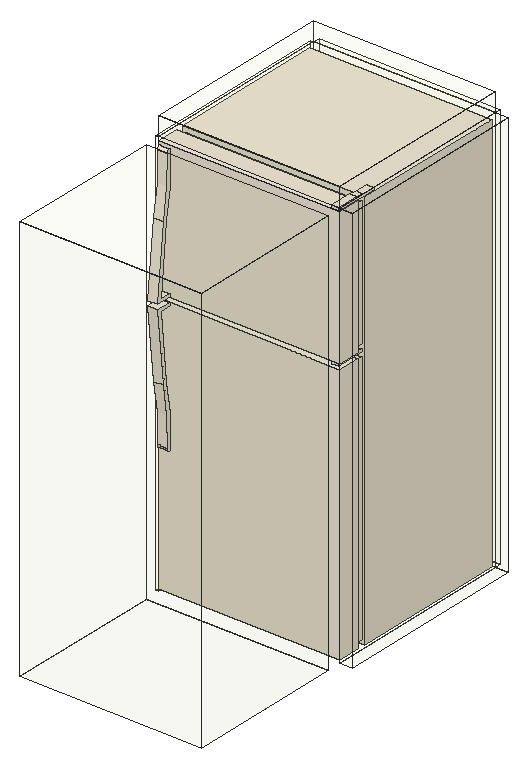
Revit family "WRT104TFDT_032c_Refrigeration_Top_Mount", category Specialty Equipment, Revit 2026
Family settings
  Round Connector Dimension = Use Diameter
  Part Type = Normal
  Work Plane-Based = No
  Enable Cutting in Views = No
  Always vertical = Yes
  Cut with Voids When Loaded = No
  Maintain Annotation Orientation = No
  Shared = No
  Room Calculation Point = No
Parameters (values of type "WRT104TFDT")
  Width = 28"
  Warranty Duration (Years) = "One year limited"
  Voltage = 120 V
  URL = "https://www.whirlpool.com/kitchen/refrigeration/refrigerators/top-freezer/p.28-inch-wide-top-freezer-refrigerator-14-cu.-ft.wrt104tfdw.html"
  Specification = ""
  SpecWizard = ""
  Show Clearance [instance] = yes
  Send Message = ""
  Sales Information = "https://www.whirlpool.com/kitchen/refrigeration/refrigerators/top-freezer/p.28-inch-wide-top-freezer-refrigerator-14-cu.-ft.wrt104tfdw.html"
  Product Data = "https://www.whirlpool.com/content/dam/global/documents/201411/owners-manual-eco-W10726498-RevA.pdf"
  Model = "WRT104TFDT"
  Manufacturer Website = ""
  Manufacturer Phone - Toll Free = ""
  Manufacturer Phone = ""
  Manufacturer Fax = ""
  Manufacturer Email = ""
  Manufacturer Address = ""
  Manufacturer = "Whirlpool"
  Maintenance Schedule (Months) = "NA"
  Leg Material = ARCAT - Plastic - Black
  Installation-Fabrication = "https://www.whirlpool.com/content/dam/global/documents/201411/installation-instructions-W10726500-RevA.pdf"
  Installation Phase = "NA"
  Height = 62 7/8"
  Handle Material = ARCAT - Metal - Steel - White
  HW size = 0"
  Family Name = "Top Mount Refrigerator"
  Expected Lifespan (Years) = "NA"
  Exhaust size = 0"
  Drawn By = ""
  Drain size = 0"
  Door Material = ARCAT - Metal - Steel - White
  Description = "Whirlpool® 28-inch Wide Top Freezer Refrigerator - 14 cu. ft."
  Depth = 32 1/4"
  Default Elevation = 0"
  Copyright = ""
  Clearance Material = ARCAT - Clearance
  CW size = 0"
  Body Material = ARCAT - Metal - Steel - White
  Apparent Load = 0 VA
  Amps = 15 A
  Accent Material = ARCAT - Metal - Steel - Stainless
Reference planes (in)
  plane 1 "Center (Front/Back)": y = 0
  plane 2: z = 0
  plane 3 "Center (Left/Right)": x = 0
  plane 4: z = 62.875
  plane 5: x = -14
  plane 6: x = 14
  plane 7: y = -1
  plane 8: y = -33.25
Forms (in)
  Extrusion 1, solid, material "ARCAT - Plastic - Black" <- "Leg Material"
    sketch origin (4.68238, -3.35142, 0.5) x (1, 0, 0) y (0, -1, 0)
      loop
        circle (-16.18238, 21.02358) r 0.75
    from 0 to 0.5
  Extrusion 2, solid, material "ARCAT - Plastic - Black" <- "Leg Material"
    sketch origin (-4.68238, -3.35142, 0.5) x (1, 0, 0) y (0, -1, 0)
      loop
        circle (16.18238, 21.02358) r 0.75
    from 0 to 0.5
  Extrusion 3, solid, material "ARCAT - Metal - Steel - White" <- "Door Material"
    sketch origin (0, -4.625, 58.5) x (1, 0, 0) y (0, 1, 0)
      loop
        line (-14, -22.875) -> (-14, -26.375) -> (14, -26.375) -> (14, -22.875) -> (-14, -22.875)
    from -17.125 to 3.875
  Extrusion 4, solid, material "ARCAT - Metal - Steel - White" <- "Door Material"
    sketch origin (0, -4.625, 35.5) x (1, 0, 0) y (0, 1, 0)
      loop
        line (-14, -22.875) -> (-14, -26.375) -> (14, -26.375) -> (14, -22.875) -> (-14, -22.875)
    from -35 to 5.125
  Extrusion 5, solid, material "ARCAT - Metal - Steel - White" <- "Body Material"
    sketch origin (12.75, 3.875, 48) x (0, 1, 0) y (0, 0, 1)
      loop
        line (-34.875, 14.5) -> (-31.375, 14.5)
        arc (-31.375, 14.5) -> (-30.74688, 14.46867) -> (-30.125, 14.375) r 6.3125
        line (-30.125, 14.375) -> (-28.15485, 14.375) -> (-28.15485, 14.75) -> (-30.125, 14.75)
        arc (-30.125, 14.75) -> (-30.74688, 14.84367) -> (-31.375, 14.875) r 6.3125
        line (-31.375, 14.875) -> (-34.875, 14.875) -> (-34.875, 14.5)
    from 0 to 1
  Extrusion 6, solid, material "ARCAT - Metal - Steel - White" <- "Body Material"
    sketch origin (0.5, -4.625, 62.375) x (1, 0, 0) y (0, 1, 0)
      loop
        circle (12.75, -25.4375) r 0.25
    from 0 to 0.125
  Extrusion 7, solid, material "ARCAT - Metal - Steel - White" <- "Body Material"
    sketch origin (0.28125, -4.625, 41.1875) x (1, 0, 0) y (0, 1, 0)
      loop
        circle (12.75, -25.4375) r 0.25
    from 0 to 0.1875
  Extrusion 8, solid, material "ARCAT - Metal - Steel - White" <- "Body Material"
    sketch origin (12.53125, 3.875, 26.3125) x (0, 1, 0) y (0, 0, 1)
      loop
        line (-34.55526, 14.5) -> (-30.125, 14.5) -> (-30.125, 14.875) -> (-34.55526, 14.875) -> (-34.55526, 14.5)
    from 0 to 1
  Extrusion 9, solid, material "ARCAT - Metal - Steel - White" <- "Handle Material"
    sketch origin (-13.8125, -1.625, 37.375) x (0, 0, 1) y (0, 1, 0)
      loop
        line (4, -29.375) -> (4, -31.625)
        arc (4, -31.625) -> (9.48685, -31.34976) -> (14.91654, -30.51328) r 53.5
        arc (14.91654, -30.51328) -> (19.42313, -29.86202) -> (23.97541, -29.76131) r 37.53027
        arc (23.97541, -29.76131) -> (24.30122, -29.65953) -> (24.48979, -29.375) r 0.5098
        line (24.48979, -29.375) -> (19.24883, -29.375)
        arc (19.24883, -29.375) -> (17.02242, -29.63398) -> (14.81514, -30.02367) r 38.03027
        arc (14.81514, -30.02367) -> (9.68454, -30.82645) -> (4.5, -31.12327) r 53
        line (4.5, -31.12327) -> (4.5, -29.375) -> (4, -29.375)
    from 0 to -1.5
  Extrusion 10, solid, material "ARCAT - Clearance" <- "Clearance Material", visible <- "Show Clearance", detail levels medium+fine
    sketch origin (0, 0, 0) x (1, 0, 0) y (0, 0, 1)
      loop
        line (14, 0) -> (14, 62.875) -> (-14, 62.875) -> (-14, 0) -> (14, 0)
    from 0 to 1
  Extrusion 11, solid, material "ARCAT - Clearance" <- "Clearance Material", visible <- "Show Clearance", detail levels medium+fine
    sketch origin (-14, 4.465, 48) x (0, 1, 0) y (0, 0, 1)
      loop
        line (-35.465, -48) -> (-5.465, -48) -> (-5.465, 14.875) -> (-35.465, 14.875) -> (-35.465, -48)
    from 0 to -0.5
  Extrusion 12, solid, material "ARCAT - Clearance" <- "Clearance Material", visible <- "Show Clearance", detail levels medium+fine
    sketch origin (14, 4.465, 48) x (0, 1, 0) y (0, 0, -1)
      loop
        line (-35.465, 48) -> (-35.465, -14.875) -> (-5.465, -14.875) -> (-5.465, 48) -> (-35.465, 48)
    from 0 to -2
  Extrusion 13, solid, material "ARCAT - Clearance" <- "Clearance Material", visible <- "Show Clearance", detail levels medium+fine
    sketch origin (33.41509, -180, 62.875) x (0, -1, 0) y (-1, 0, 0)
      loop
        line (-179, 47.41509) -> (-179, 19.41509) -> (-149, 19.41509) -> (-149, 47.41509) -> (-179, 47.41509)
    from 0 to -3
  Extrusion 14, solid, material "ARCAT - Clearance" <- "Clearance Material", visible <- "Show Clearance", detail levels medium+fine
    sketch origin (60, -56.75, 80) x (1, 0, 0) y (0, 0, 1)
      loop
        line (-46, -80) -> (-46, -17.125) -> (-74, -17.125) -> (-74, -80) -> (-46, -80)
    from 1 to -23.5
  Extrusion 15, solid, material "ARCAT - Metal - Steel - White" <- "Door Material"
    sketch origin (0, -4.625, 58.5) x (1, 0, 0) y (0, 1, 0)
      loop
        line (13.5, -21.625) -> (-13.5, -21.625) -> (-13.5, -22.875) -> (13.5, -22.875) -> (13.5, -21.625)
    from -16.625 to 3.125
  Extrusion 16, solid, material "ARCAT - Metal - Steel - White" <- "Door Material"
    sketch origin (0, -4.625, 35.5) x (1, 0, 0) y (0, 1, 0)
      loop
        line (13.5, -21.625) -> (-13.5, -21.625) -> (-13.5, -22.875) -> (13.5, -22.875) -> (13.5, -21.625)
    from -34.5 to 4.625
  Extrusion 17, solid, material "ARCAT - Metal - Steel - White" <- "Body Material"
    sketch origin (0, -1.5625, 0) x (1, 0, 0) y (0, 1, 0)
      loop
        line (-14, -0.375) -> (-14, -24.6875) -> (14, -24.6875) -> (14, -0.375) -> (-14, -0.375)
    from 0.5 to 62.375
  Extrusion 18, solid, material "ARCAT - Plastic - Black" <- "Leg Material"
    sketch origin (4.68238, 16.33608, 0.5) x (1, 0, 0) y (0, -1, 0)
      loop
        circle (-16.18238, 21.14858) r 0.75
    from 0 to 0.5
  Extrusion 19, solid, material "ARCAT - Plastic - Black" <- "Leg Material"
    sketch origin (-4.68238, 16.33608, 0.5) x (1, 0, 0) y (0, -1, 0)
      loop
        circle (16.18238, 21.14858) r 0.75
    from 0 to 0.5
  Extrusion 20, solid, material "ARCAT - Metal - Steel - White" <- "Body Material"
    sketch origin (-15.5, -2.0625, 0) x (1, 0, 0) y (0, 0, -1)
      loop
        line (28.5, -1.5) -> (2.5, -1.5) -> (2.5, -61.375) -> (28.5, -61.375) -> (28.5, -1.5)
      loop
        line (29.5, -0.5) -> (1.5, -0.5) -> (1.5, -62.375) -> (29.5, -62.375) -> (29.5, -0.5)
    from 0.125 to 0.25
  Revolve 21, solid, material "ARCAT - Metal - Steel - Stainless" <- "Accent Material"
    sketch origin (-6.53999, -7.3125, 80) x (-1, 0, 0) y (0, 0, 1)
      loop
        line (-6.53999, -73.32999) -> (-9.05948, -73.32999)
        arc (-9.05948, -73.32999) -> (-9.74752, -73.60432) -> (-10.05806, -74.2768) r 1
        arc (-10.05806, -74.2768) -> (-10.06858, -74.84011) -> (-10.04018, -75.4028) r 8.15531
        arc (-10.04018, -75.4028) -> (-10.07297, -75.37505) -> (-10.10249, -75.40625) r 0.03125
        line (-10.10249, -75.40625) -> (-10.10249, -76.21875)
        arc (-10.10249, -76.21875) -> (-10.0738, -76.2499) -> (-10.04041, -76.22385) r 0.03125
        arc (-10.04041, -76.22385) -> (-10.02367, -77.38241) -> (-9.71781, -78.5) r 4.59758
        line (-9.71781, -78.5) -> (-6.53999, -78.5) -> (-6.53999, -73.32999)
      axis (-6.53999, -78.5) -> (-6.53999, -73.32999)
    angle from 0 to 360
  Revolve 22, solid, material "ARCAT - Metal - Steel - Stainless" <- "Accent Material"
    sketch origin (-6.53999, -7.3125, 80) x (-1, 0, 0) y (0, 0, 1)
      loop
        line (-18.53999, -70.5) -> (-18.60249, -70.5) -> (-18.60249, -72) -> (-18.68582, -72)
        arc (-18.68582, -72) -> (-18.80367, -72.04882) -> (-18.85249, -72.16667) r 0.16667
        line (-18.85249, -72.16667) -> (-18.85249, -75.25)
        arc (-18.85249, -75.25) -> (-18.77927, -75.42678) -> (-18.60249, -75.5) r 0.25
        line (-18.60249, -75.5) -> (-18.53999, -75.5) -> (-18.53999, -70.5)
      axis (-18.53999, -70.5) -> (-18.53999, -75.5)
    angle from 0 to 360
  Sweep 23, solid, material "ARCAT - Metal - Steel - Stainless" <- "Accent Material"
    path origin (33.41509, -179.3125, 7.21875) x (0, -1, 0) y (1, 0, 0)
      loop
        arc (-176.5, -39.66509) -> (-176.28033, -40.19542) -> (-175.75, -40.41509) r 0.75
        line (-175.75, -40.41509) -> (-168.25, -40.41509)
        arc (-168.25, -40.41509) -> (-167.71967, -40.19542) -> (-167.5, -39.66509) r 0.75
        line (-167.5, -39.66509) -> (-167.5, -27.16509)
        arc (-167.5, -27.16509) -> (-167.71967, -26.63476) -> (-168.25, -26.41509) r 0.75
        line (-168.25, -26.41509) -> (-175.75, -26.41509)
        arc (-175.75, -26.41509) -> (-176.28033, -26.63476) -> (-176.5, -27.16509) r 0.75
        line (-176.5, -27.16509) -> (-176.5, -39.66509)
    profile origin (0, -2.8125, 7.21875) x (0, 1, 0) y (0, 0, 1)
      loop
        line (-0.05078, 0.09375) -> (-0.39844, 0.09375)
        arc (-0.39844, 0.09375) -> (-0.44263, 0.07544) -> (-0.46094, 0.03125) r 0.0625
        line (-0.46094, 0.03125) -> (-0.46094, -0.63281)
        arc (-0.46094, -0.63281) -> (-0.47924, -0.67701) -> (-0.52344, -0.69531) r 0.0625
        line (-0.52344, -0.69531) -> (-0.52344, -0.79687) -> (-0.42188, -0.79687)
        arc (-0.42188, -0.79687) -> (-0.37768, -0.77857) -> (-0.35937, -0.73437) r 0.0625
        line (-0.35937, -0.73437) -> (-0.35937, -0.07031)
        arc (-0.35937, -0.07031) -> (-0.34107, -0.02612) -> (-0.29687, -0.00781) r 0.0625
        line (-0.29687, -0.00781) -> (-0.05078, -0.00781)
        arc (-0.05078, -0.00781) -> (0, 0.04297) -> (-0.05078, 0.09375) r 0.05078
  Extrusion 24, solid, material "ARCAT - Metal - Steel - Stainless" <- "Accent Material"
    sketch origin (33.41509, -179.3125, 62.875) x (0, -1, 0) y (-1, 0, 0)
      loop
        arc (-175.75, 39.89165) -> (-175.9102, 39.82529) -> (-175.97656, 39.66509) r 0.22656
        line (-175.97656, 39.66509) -> (-175.97656, 27.16509)
        arc (-175.97656, 27.16509) -> (-175.9102, 27.00489) -> (-175.75, 26.93853) r 0.22656
        line (-175.75, 26.93853) -> (-168.25, 26.93853)
        arc (-168.25, 26.93853) -> (-168.0898, 27.00489) -> (-168.02344, 27.16509) r 0.22656
        line (-168.02344, 27.16509) -> (-168.02344, 39.66509)
        arc (-168.02344, 39.66509) -> (-168.0898, 39.82529) -> (-168.25, 39.89165) r 0.22656
        line (-168.25, 39.89165) -> (-175.75, 39.89165)
      loop
        circle (-172, 33.41509) r 3.17783
    from 56.45312 to 56.35156
  Sweep 25, solid, material "ARCAT - Metal - Steel - Stainless" <- "Accent Material"
    path origin (-6.53999, -7.3125, 80) x (-1, 0, 0) y (0, 0, 1)
      loop
        line (-17.03999, -70.5) -> (-17.03999, -77)
        arc (-17.03999, -77) -> (-16.37286, -77.84995) -> (-15.38876, -77.40385) r 0.875
        arc (-15.38876, -77.40385) -> (-15.11257, -77.10886) -> (-14.72342, -77) r 0.75
        line (-14.72342, -77) -> (-9.53999, -77)
    profile origin (10.5, -7.3125, 6.25) x (0, 1, 0) y (-1, 0, 0)
      loop
        circle (0, 0) r 0.125
  Extrusion 26, solid
    sketch origin (14, -1.3125, 9.5) x (0, 1, 0) y (1, 0, 0)
      loop
        circle (-6, -3.5) r 0.5
    from 0 to 0.19922
  Sweep 27, solid, material "ARCAT - Metal - Steel - Stainless" <- "Accent Material"
    path origin (-14.81742, -1.0625, 80) x (-1, 0, 0) y (0, 0, 1)
      loop
        line (-9.04256, -72.06499) -> (-9.04256, -74.31499)
        arc (-9.04256, -74.31499) -> (-8.70518, -75.06395) -> (-7.92069, -75.30754) r 1
        line (-7.92069, -75.30754) -> (-3.69555, -74.78875)
        arc (-3.69555, -74.78875) -> (-3.06846, -74.45883) -> (-2.81742, -73.79621) r 1
        line (-2.81742, -73.79621) -> (-2.81742, -23.5)
        arc (-2.81742, -23.5) -> (-3.11031, -22.79289) -> (-3.81742, -22.5) r 1
        line (-3.81742, -22.5) -> (-25.81742, -22.5)
        arc (-25.81742, -22.5) -> (-26.81742, -23.5) -> (-25.81742, -24.5) r 1
        line (-25.81742, -24.5) -> (-5.56742, -24.5)
        arc (-5.56742, -24.5) -> (-4.56742, -25.5) -> (-5.56742, -26.5) r 1
        line (-5.56742, -26.5) -> (-25.81742, -26.5)
        arc (-25.81742, -26.5) -> (-26.81742, -27.5) -> (-25.81742, -28.5) r 1
        line (-25.81742, -28.5) -> (-5.56742, -28.5)
        arc (-5.56742, -28.5) -> (-4.56742, -29.5) -> (-5.56742, -30.5) r 1
        line (-5.56742, -30.5) -> (-25.81742, -30.5)
        arc (-25.81742, -30.5) -> (-26.81742, -31.5) -> (-25.81742, -32.5) r 1
        line (-25.81742, -32.5) -> (-5.56742, -32.5)
        arc (-5.56742, -32.5) -> (-4.56742, -33.5) -> (-5.56742, -34.5) r 1
        line (-5.56742, -34.5) -> (-25.81742, -34.5)
        arc (-25.81742, -34.5) -> (-26.81742, -35.5) -> (-25.81742, -36.5) r 1
        line (-25.81742, -36.5) -> (-5.56742, -36.5)
        arc (-5.56742, -36.5) -> (-4.56742, -37.5) -> (-5.56742, -38.5) r 1
        line (-5.56742, -38.5) -> (-25.81742, -38.5)
        arc (-25.81742, -38.5) -> (-26.81742, -39.5) -> (-25.81742, -40.5) r 1
        line (-25.81742, -40.5) -> (-5.56742, -40.5)
        arc (-5.56742, -40.5) -> (-4.56742, -41.5) -> (-5.56742, -42.5) r 1
        line (-5.56742, -42.5) -> (-25.81742, -42.5)
        arc (-25.81742, -42.5) -> (-26.81742, -43.5) -> (-25.81742, -44.5) r 1
        line (-25.81742, -44.5) -> (-5.56742, -44.5)
        arc (-5.56742, -44.5) -> (-4.56742, -45.5) -> (-5.56742, -46.5) r 1
        line (-5.56742, -46.5) -> (-25.81742, -46.5)
        arc (-25.81742, -46.5) -> (-26.81742, -47.5) -> (-25.81742, -48.5) r 1
        line (-25.81742, -48.5) -> (-5.56742, -48.5)
        arc (-5.56742, -48.5) -> (-4.56742, -49.5) -> (-5.56742, -50.5) r 1
        line (-5.56742, -50.5) -> (-25.81742, -50.5)
        arc (-25.81742, -50.5) -> (-26.81742, -51.5) -> (-25.81742, -52.5) r 1
        line (-25.81742, -52.5) -> (-5.56742, -52.5)
        arc (-5.56742, -52.5) -> (-4.56742, -53.5) -> (-5.56742, -54.5) r 1
        line (-5.56742, -54.5) -> (-25.81742, -54.5)
        arc (-25.81742, -54.5) -> (-26.81742, -55.5) -> (-25.81742, -56.5) r 1
        line (-25.81742, -56.5) -> (-5.56742, -56.5)
        arc (-5.56742, -56.5) -> (-4.56742, -57.5) -> (-5.56742, -58.5) r 1
        line (-5.56742, -58.5) -> (-25.81742, -58.5)
        arc (-25.81742, -58.5) -> (-26.81742, -59.5) -> (-25.81742, -60.5) r 1
        line (-25.81742, -60.5) -> (-5.56742, -60.5)
        arc (-5.56742, -60.5) -> (-4.56742, -61.5) -> (-5.56742, -62.5) r 1
        line (-5.56742, -62.5) -> (-25.81742, -62.5)
        arc (-25.81742, -62.5) -> (-26.81742, -63.5) -> (-25.81742, -64.5) r 1
        line (-25.81742, -64.5) -> (-5.56742, -64.5)
        arc (-5.56742, -64.5) -> (-4.56742, -65.5) -> (-5.56742, -66.5) r 1
        line (-5.56742, -66.5) -> (-25.81742, -66.5)
        arc (-25.81742, -66.5) -> (-26.81742, -67.5) -> (-25.81742, -68.5) r 1
        line (-25.81742, -68.5) -> (-5.56742, -68.5)
        arc (-5.56742, -68.5) -> (-4.86031, -68.79289) -> (-4.56742, -69.5) r 1
        line (-4.56742, -69.5) -> (-4.56742, -72.26594)
        arc (-4.56742, -72.26594) -> (-5.56742, -73.26594) -> (-6.56742, -72.26594) r 1
        line (-6.56742, -72.26594) -> (-6.56742, -71.01594)
    profile origin (0.875, -1.0625, 11.5) x (0, 0, 1) y (0, 1, 0)
      loop
        circle (0, 0) r 0.0625
  Revolve 28, solid, material "ARCAT - Metal - Steel - Stainless" <- "Accent Material"
    sketch origin (-6.53999, -7.3125, 80) x (-1, 0, 0) y (0, 0, 1)
      loop
        line (-0.78999, -70.5) -> (-0.97749, -70.5) -> (-0.97749, -71.80834) -> (-1.00986, -71.80834)
        arc (-1.00986, -71.80834) -> (-1.05406, -71.82664) -> (-1.07236, -71.87084) r 0.0625
        line (-1.07236, -71.87084) -> (-1.07236, -73.5) -> (-0.78999, -73.5) -> (-0.78999, -70.5)
      axis (-0.78999, -70.5) -> (-0.78999, -73.5)
    angle from 0 to 360
  Sweep 29, solid, material "ARCAT - Metal - Steel - Stainless" <- "Accent Material"
    path origin (-5.77486, 5.1525, 48) x (0, 1, 0) y (0, 0, 1)
      loop
        line (-6.215, -40.06499) -> (-6.215, -39.82851)
        arc (-6.215, -39.82851) -> (-6.25162, -39.74012) -> (-6.34, -39.70351) r 0.125
        line (-6.34, -39.70351) -> (-12.28659, -39.70351)
    profile origin (-5.77486, -1.0625, 8.05325) x (0, -1, 0) y (1, 0, 0)
      loop
        circle (0, 0) r 0.07143
  Extrusion 30, void
    sketch origin (-14.875, -1.3125, 0) x (1, 0, 0) y (0, 0, -1)
      loop
        line (27.875, -9.5) -> (27.875, -1.5) -> (1.875, -1.5) -> (1.875, -9.5) -> (27.875, -9.5)
    from -0.5 to -12.125
  Extrusion 31, solid, material "ARCAT - Metal - Steel - White" <- "Handle Material"
    sketch origin (-13.8125, -1.625, 44.625) x (0, 0, -1) y (0, -1, 0)
      loop
        line (4, 29.375) -> (4.5, 29.375) -> (4.5, 31.12327)
        arc (4.5, 31.12327) -> (9.68454, 30.82645) -> (14.81514, 30.02367) r 53
        arc (14.81514, 30.02367) -> (17.02242, 29.63398) -> (19.24883, 29.375) r 38.03027
        line (19.24883, 29.375) -> (24.48979, 29.375)
        arc (24.48979, 29.375) -> (24.30122, 29.65953) -> (23.97541, 29.76131) r 0.5098
        arc (23.97541, 29.76131) -> (19.42313, 29.86202) -> (14.91654, 30.51328) r 37.53027
        arc (14.91654, 30.51328) -> (9.48685, 31.34976) -> (4, 31.625) r 53.5
        line (4, 31.625) -> (4, 29.375)
    from 0 to -1.5
  Extrusion 32, solid, material "ARCAT - Metal - Steel - White" <- "Body Material"
    sketch origin (0.28125, -4.625, 40.625) x (1, 0, 0) y (0, 1, 0)
      loop
        circle (12.75, -25.4375) r 0.25
    from 0 to 0.1875
  Extrusion 33, solid, material "ARCAT - Metal - Steel - White" <- "Body Material"
    sketch origin (-15.5, -1.8125, 0) x (1, 0, 0) y (0, 0, -1)
      loop
        circle (15.5, -1) r 0.5
    from 0 to 0.03125
Cuts and joins
  Extrusion 30 cuts Extrusion 17
  joined: Extrusion 17, Extrusion 20
  joined: Sweep 27, Sweep 29
Lines and regions (in)
  symbolic lines, style "SpecialityEquipment"
    curve 1: line (-14, -1, 62.875) -> (14, -1, 62.875)
    curve 2: line (-14, -31, 62.875) -> (-14, -1, 62.875)
    curve 3: line (14, -31, 62.875) -> (-14, -31, 62.875)
    curve 4: line (14, -1, 62.875) -> (14, -31, 62.875)
    curve 5: line (-12.3125, -33.25, 62.875) -> (-13.8125, -33.25, 62.875)
    curve 6: line (-12.3125, -31, 62.875) -> (-12.3125, -33.25, 62.875)
    curve 7: line (-13.8125, -33.25, 62.875) -> (-13.8125, -31, 62.875)
  model lines
    curve 8: circle (-7.54297, -1.9375, 56.9402) r 0.5 normal (0, 1, 0)
    curve 9: circle (-7.16797, -1.9375, 12.9402) r 0.5 normal (0, 1, 0)
Dimensions and locks (in)
  "Height": plane 4 to plane 2
  equal spacing: plane 5, plane 3 "Center (Left/Right)", plane 6
  "Width": plane 5 to plane 6
  "Depth": plane 8 to plane 7
  aligned and locked: plane 2 to level
Automatic sketch dimensions
  plane 5 to Extrusion 1 sketch curve = 2 1/2"
  plane 6 to Extrusion 2 sketch curve = 2 1/2"
  Extrusion 3 sketch curve to plane 5 = 0"
  Extrusion 3 sketch curve to plane 6 = 0"
  Extrusion 4 sketch curve to plane 5 = 0"
  Extrusion 4 sketch curve to plane 6 = 0"
  plane 4 to Extrusion 5 sketch curve = 0"
  Extrusion 5 sketch curve to Extrusion 5 sketch curve = 1.97015"
  Extrusion 5 sketch curve to Extrusion 5 sketch curve = 1/8"
  plane 4 to Extrusion 5 sketch curve = 3/8"
  Extrusion 5 sketch curve to Extrusion 5 sketch curve = 3/8"
  plane 6 to Extrusion 6 sketch curve = 3/4"
  plane 6 to Extrusion 7 sketch curve = 31/32"
  plane 4 to Extrusion 8 sketch curve = 22 1/16"
  Extrusion 8 sketch curve to Extrusion 8 sketch curve = 3/8"
  Extrusion 9 sketch curve to Extrusion 9 sketch curve = 0"  (x5)
  Extrusion 9 sketch curve to plane 8 = 0"
  plane 4 to Extrusion 9 sketch curve = 21 1/2"
  plane 4 to Extrusion 9 sketch curve = 21.43346"
  Extrusion 9 sketch curve to Extrusion 9 sketch curve = 1/2"
  plane 4 to Extrusion 9 sketch curve = 6.25117"
  plane 4 to Extrusion 9 sketch curve = 2.97218"
  plane 4 to Extrusion 9 sketch curve = 1.50492"
  Extrusion 9 sketch curve to Extrusion 9 sketch curve = 0.49471"
  plane 8 to Extrusion 9 sketch curve = 35.63865"
  Extrusion 9 sketch curve to plane 8 = 0.50173"
  Extrusion 9 sketch curve to plane 1 "Center (Front/Back)" = 20.24996"
  Extrusion 10 sketch curve to level = 0"
  Extrusion 10 sketch curve to plane 5 = 0"
  plane 6 to Extrusion 10 sketch curve = 0"
  Extrusion 10 sketch curve to plane 4 = 0"
  plane 4 to Extrusion 11 sketch curve = 0"
  Extrusion 11 sketch curve to plane 8 = 2 1/4"
  Extrusion 11 sketch curve to plane 7 = 0"
  Extrusion 11 sketch curve to level = 0"
  plane 4 to Extrusion 12 sketch curve = 0"
  Extrusion 12 sketch curve to plane 8 = 2 1/4"
  Extrusion 12 sketch curve to plane 7 = 0"
  Extrusion 12 sketch curve to level = 0"
  Extrusion 13 sketch curve to plane 5 = 0"
  plane 7 to Extrusion 13 sketch curve = 0"
  Extrusion 13 sketch curve to plane 8 = 2 1/4"
  Extrusion 13 sketch curve to plane 6 = 0"
  Extrusion 14 sketch curve to plane 4 = 0"
  Extrusion 14 sketch curve to plane 5 = 0"
  plane 6 to Extrusion 14 sketch curve = 0"
  Extrusion 14 sketch curve to level = 0"
  plane 5 to Extrusion 15 sketch curve = 1/2"
  plane 6 to Extrusion 15 sketch curve = 1/2"
  plane 5 to Extrusion 16 sketch curve = 1/2"
  plane 6 to Extrusion 16 sketch curve = 1/2"
  Extrusion 17 sketch curve to plane 5 = 0"
  Extrusion 17 sketch curve to plane 6 = 0"
  plane 7 to Extrusion 17 sketch curve = 15/16"
  plane 5 to Extrusion 18 sketch curve = 2 1/2"
  plane 7 to Extrusion 18 sketch curve = 3 13/16"
  plane 6 to Extrusion 19 sketch curve = 2 1/2"
  plane 7 to Extrusion 19 sketch curve = 3 13/16"
  Extrusion 20 sketch curve to plane 5 = 0"
  plane 6 to Extrusion 20 sketch curve = 0"
  plane 5 to Extrusion 20 sketch curve = 1"
  plane 6 to Extrusion 20 sketch curve = 1"
  plane 4 to Extrusion 20 sketch curve = 1/2"
  Extrusion 20 sketch curve to Extrusion 20 sketch curve = 1"
  level to Extrusion 20 sketch curve = 1 1/2"
  level to Extrusion 20 sketch curve = 1/2"
  Revolve 21 sketch curve to plane 3 "Center (Left/Right)" = 0"  (x2)
  plane 3 "Center (Left/Right)" to Revolve 21 sketch curve = 2.51949"
  level to Revolve 21 sketch curve = 1 1/2"
  Revolve 21 sketch curve to Revolve 21 sketch curve = 3.17783"
  Revolve 21 sketch curve to Revolve 21 sketch curve = 1.01176"
  Revolve 21 sketch curve to Revolve 21 sketch curve = 0"  (x2)
  Revolve 21 sketch curve to Revolve 21 sketch curve = 1/32"
  Revolve 21 sketch curve to plane 3 "Center (Left/Right)" = 1.0684"
  Revolve 21 sketch curve to Revolve 21 sketch curve = 3.55729"
  Revolve 21 sketch curve to Revolve 21 sketch curve = 1.76274"
  Revolve 21 sketch curve to Revolve 21 sketch curve = 2 9/32"
  Revolve 21 sketch curve to Revolve 21 sketch curve = 13/16"
  Revolve 21 sketch curve to Revolve 21 sketch curve = 2.02666"
  Revolve 21 sketch curve to Revolve 21 sketch curve = 1.07626"
  Revolve 21 sketch curve to Revolve 21 sketch curve = 1"
  Revolve 21 sketch curve to Revolve 21 sketch curve = 0.03106"
  Revolve 21 sketch curve to Revolve 21 sketch curve = 0.07999"
  plane 6 to Revolve 22 sketch curve = 1 11/16"
  Revolve 22 sketch curve to Revolve 22 sketch curve = 0.16667"
  Revolve 22 sketch curve to Revolve 22 sketch curve = 0.08333"
  Revolve 22 sketch curve to Revolve 22 sketch curve = 1/4"
  Revolve 22 sketch curve to Revolve 22 sketch curve = 1/16"
  level to Revolve 22 sketch curve = 4 1/2"
  Revolve 22 sketch curve to Revolve 22 sketch curve = 3.08333"
  Revolve 22 sketch curve to Revolve 22 sketch curve = 1 1/2"
  Revolve 22 sketch curve to Revolve 22 sketch curve = 0"  (x3)
  plane 7 to Sweep 23 sketch curve = 1 13/16"
  Sweep 23 sketch curve to Sweep 23 sketch curve = 3/4"  (x3)
  Sweep 23 sketch curve to Sweep 23 sketch curve = 7 1/2"  (x2)
  Sweep 23 sketch curve to plane 3 "Center (Left/Right)" = 7"
  plane 3 "Center (Left/Right)" to Sweep 23 sketch curve = 6 1/4"
  profile plane to Sweep 23 sketch curve = 67/128"
  Sweep 23 sketch curve to Sweep 23 sketch curve = 1/16"  (x3)
  Sweep 23 sketch curve to Sweep 23 sketch curve = 13/128"  (x2)
  Sweep 23 sketch curve to profile plane = 9/128"
  Sweep 23 sketch curve to Sweep 23 sketch curve = 5/128"
  profile plane to Sweep 23 sketch curve = 13/256"
  Sweep 23 sketch curve to Sweep 23 sketch curve = 9/16"
  profile plane to Sweep 23 sketch curve = 1/32"
  Extrusion 24 sketch curve to Extrusion 24 sketch curve = 0"  (x2)
  Extrusion 24 sketch curve to plane 3 "Center (Left/Right)" = 0"
  plane 7 to Extrusion 24 sketch curve = 2 43/128"
  Extrusion 24 sketch curve to Extrusion 24 sketch curve = 29/128"  (x3)
  plane 7 to Extrusion 24 sketch curve = 6 5/16"
  Extrusion 24 sketch curve to Extrusion 24 sketch curve = 3 3/4"  (x2)
  Extrusion 24 sketch curve to plane 3 "Center (Left/Right)" = 6 1/4"
  plane 3 "Center (Left/Right)" to Extrusion 24 sketch curve = 6 1/4"
  Extrusion 24 sketch curve to Extrusion 24 sketch curve = 3.17783"
  plane 6 to Sweep 25 sketch curve = 3 1/2"
  Sweep 25 sketch curve to Sweep 25 sketch curve = 7/8"
  Sweep 25 sketch curve to Sweep 25 sketch curve = 1.44157"
  level to Sweep 25 sketch curve = 2 1/4"
  Sweep 25 sketch curve to Sweep 25 sketch curve = 3/4"  (x2)
  plane 3 "Center (Left/Right)" to Sweep 25 sketch curve = 3"
  Sweep 25 sketch curve to Sweep 25 sketch curve = 6 1/2"
  Sweep 25 sketch curve to profile plane = 0"  (x2)
  plane 7 to Extrusion 26 sketch curve = 6 5/16"
  plane 6 to Extrusion 26 sketch curve = 3 1/2"
  plane 6 to Sweep 27 sketch curve = 3"
  Sweep 27 sketch curve to Sweep 27 sketch curve = 0"  (x21)
  Sweep 27 sketch curve to plane 3 "Center (Left/Right)" = 5.77486"
  Sweep 27 sketch curve to Sweep 27 sketch curve = 1"  (x26)
  Sweep 27 sketch curve to Sweep 27 sketch curve = 0.12187"  (x2)
  Sweep 27 sketch curve to Sweep 27 sketch curve = 2.47514"
  plane 5 to Sweep 27 sketch curve = 4 3/4"  (x2)
  Sweep 27 sketch curve to Sweep 27 sketch curve = 3/4"
  Sweep 27 sketch curve to Sweep 27 sketch curve = 1 3/4"
  level to Sweep 27 sketch curve = 4.69246"
  Sweep 27 sketch curve to Sweep 27 sketch curve = 0.51878"
  Sweep 27 sketch curve to Sweep 27 sketch curve = 1.53027"
  Sweep 27 sketch curve to Sweep 27 sketch curve = 2.76594"
  Sweep 27 sketch curve to Sweep 27 sketch curve = 2 1/4"
  Sweep 27 sketch curve to Sweep 27 sketch curve = 1 1/4"
  profile plane to Sweep 27 sketch curve = 0"
  Sweep 27 sketch curve to profile plane = 0"
  Revolve 28 sketch curve to plane 3 "Center (Left/Right)" = 5.46763"
  Revolve 28 sketch curve to Revolve 28 sketch curve = 1/16"
  Revolve 28 sketch curve to Revolve 28 sketch curve = 0.03237"
  Revolve 28 sketch curve to Revolve 28 sketch curve = 0.28237"
  level to Revolve 28 sketch curve = 6 1/2"
  Revolve 28 sketch curve to Revolve 28 sketch curve = 1.62916"
  Revolve 28 sketch curve to Revolve 28 sketch curve = 1.30834"
  Revolve 28 sketch curve to Revolve 28 sketch curve = 0"  (x3)
  plane 7 to Sweep 29 sketch curve = 3/16"
  plane 7 to Sweep 29 sketch curve = 1/16"
  level to Sweep 29 sketch curve = 8.17149"
  Sweep 29 sketch curve to Sweep 29 sketch curve = 5.94658"
  Sweep 29 sketch curve to Sweep 29 sketch curve = 0.23648"
  Sweep 29 sketch curve to Sweep 29 sketch curve = 0"  (x2)
  Sweep 29 sketch curve to profile plane = 0"  (x2)
  Sweep 29 sketch curve to profile plane = 0.07143"
  plane 5 to Extrusion 30 sketch curve = 1"
  plane 6 to Extrusion 30 sketch curve = 1"
  level to Extrusion 30 sketch curve = 9 1/2"
  level to Extrusion 30 sketch curve = 1 1/2"
  Extrusion 31 sketch curve to Extrusion 31 sketch curve = 0"  (x5)
  Extrusion 31 sketch curve to plane 8 = 0"
  plane 4 to Extrusion 31 sketch curve = 22 1/4"
  plane 4 to Extrusion 31 sketch curve = 22.31654"
  Extrusion 31 sketch curve to Extrusion 31 sketch curve = 1/2"
  Extrusion 31 sketch curve to Extrusion 31 sketch curve = 14.74883"
  level to Extrusion 31 sketch curve = 22.09718"
  Extrusion 31 sketch curve to Extrusion 31 sketch curve = 4.74625"
  Extrusion 31 sketch curve to Extrusion 31 sketch curve = 0.49471"
  Extrusion 31 sketch curve to plane 1 "Center (Front/Back)" = 20.24996"
  Extrusion 31 sketch curve to plane 8 = 0.50173"
  plane 8 to Extrusion 31 sketch curve = 35.63865"
  plane 6 to Extrusion 32 sketch curve = 31/32"
  Extrusion 1 sketch curve to plane 8 = 8 7/8"
  Extrusion 2 sketch curve to plane 8 = 8 7/8"
  Extrusion 3 sketch curve to plane 8 = 2 1/4"
  Extrusion 3 sketch curve to Extrusion 3 sketch curve = 3 1/2"
  Extrusion 4 sketch curve to plane 8 = 2 1/4"
  Extrusion 4 sketch curve to Extrusion 4 sketch curve = 3 1/2"
  Extrusion 5 sketch curve to plane 8 = 2 1/4"
  Extrusion 5 sketch curve to Extrusion 5 sketch curve = 3 1/2"
  Extrusion 5 sketch curve to Extrusion 5 sketch curve = 0"  (x2)
  Extrusion 5 sketch curve to Extrusion 5 sketch curve = 1 1/4"
  Extrusion 6 sketch curve to plane 8 = 3 3/16"
  Extrusion 7 sketch curve to plane 8 = 3 3/16"
  Extrusion 8 sketch curve to plane 8 = 2.56974"
  Extrusion 8 sketch curve to Extrusion 8 sketch curve = 4.43026"
  Extrusion 9 sketch curve to Extrusion 9 sketch curve = 1.74827"
  Extrusion 9 sketch curve to plane 8 = 2 1/4"
  Extrusion 9 sketch curve to Extrusion 9 sketch curve = 0.12311"
  Extrusion 15 sketch curve to plane 8 = 5 3/4"
  Extrusion 15 sketch curve to Extrusion 15 sketch curve = 1 1/4"
  Extrusion 16 sketch curve to plane 8 = 5 3/4"
  Extrusion 16 sketch curve to Extrusion 16 sketch curve = 1 1/4"
  Extrusion 17 sketch curve to plane 8 = 7"
  Extrusion 31 sketch curve to plane 8 = 2.37311"
  Extrusion 31 sketch curve to Extrusion 31 sketch curve = 0.12311"
  Extrusion 31 sketch curve to Extrusion 31 sketch curve = 1.74827"
  Extrusion 32 sketch curve to plane 8 = 3 3/16"
  curve 1 to plane 6 = 0"
  plane 7 to curve 1 = 0"
  curve 3 to plane 5 = 0"
  plane 8 to curve 6 = 0"
  curve 3 to plane 8 = 2 1/4"
  plane 5 to curve 5 = 3/16"
  curve 5 to curve 5 = 1 1/2"
  curve 9 to Extrusion 17 = 6 213/256"
  curve 8 to Extrusion 17 = 6 117/256"
  Extrusion 17 to curve 8 = 5.4348"
  Extrusion 17 to curve 9 = 12.4402"
  Extrusion 20 to Extrusion 33 sketch curve = 13"
  Extrusion 33 sketch curve to Extrusion 20 = 1/2"
  radius of Extrusion 1 sketch curve = 3/4"
  radius of Extrusion 2 sketch curve = 3/4"
  radius of Extrusion 6 sketch curve = 1/4"
  radius of Extrusion 7 sketch curve = 1/4"
  radius of Extrusion 18 sketch curve = 3/4"
  radius of Extrusion 19 sketch curve = 3/4"
  radius of Sweep 25 sketch curve = 1/8"
  radius of Extrusion 26 sketch curve = 1/2"
  radius of Sweep 27 sketch curve = 1/16"
  radius of Extrusion 32 sketch curve = 1/4"
  radius of curve 8 = 1/2"
  radius of curve 9 = 1/2"
  radius of Extrusion 33 sketch curve = 1/2"
Connectors (in)
  electrical at (0, -1.78125, 1), driven by "Voltage", driven by "Apparent Load"
    settings: on Extrusion 33, index 1, voltage 120 V, apparent load 0 VA, apparent load phase1 0 VA, apparent load phase2 0 VA, apparent load phase3 0 VA, power factor 1, load classification "Other", number of poles 1, system type 30, power factor state 1, is connector primary yes, connector utility no, sub classification motor no, connector description "Electrical Connection"
